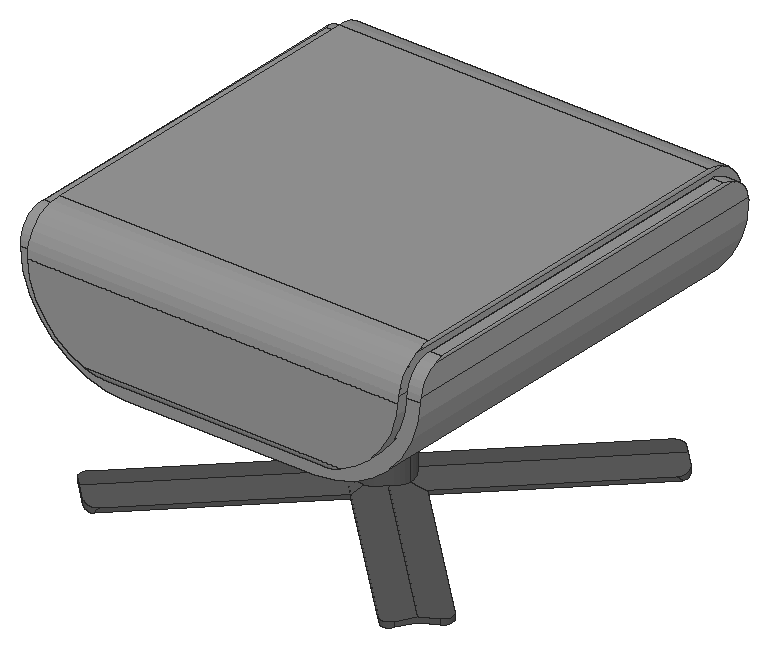
Revit family "Haworth_BuzziMe_Ottoman_AP_PRELIMINARY", category Furniture, Revit 2018
Family settings
  OmniClass Number = 23.40.20.00
  OmniClass Title = General Furniture and Specialties
  Work Plane-Based = No
  Always vertical = Yes
  Cut with Voids When Loaded = No
  Shared = No
  Room Calculation Point = No
Parameters (values of type "Ottoman")
  Warranty = "http://www.haworth.com/resources/product-info/warranties"
  URL - Product = "https://www.haworth.com/ap/en/products/soft-seating/buzzime.html"
  URL = "https://www.haworth.com/ap/en.html"
  Size = "Verify Final Dim. w/ Haworth"  # constant formula
  Revision = "1"  # constant formula
  Outer Upholstery Finish [instance] = Haworth _ Fabric _ Undecided _ Seating _ Lounge
  Model = "BuzziMe"  # constant formula
  Manufacturer = "Haworth"  # constant formula
  Inner Upholstery Finish [instance] = Haworth _ Fabric _ Undecided _ Seating _ Lounge
  Description = "Haworth - BuzziMe - Ottoman"  # constant formula
  Base Finish [instance] = Haworth _ Paint _ Umbra Grey
  Author = "Haworth (Alias, Abd Rahman)"  # constant formula
  Assembly Code = "E2020200"
  Actual Width = 714.97 mm  # constant formula
  Actual Height = 444.996 mm  # constant formula
  Actual Depth = 669.925 mm  # constant formula
Reference planes
  plane 1: z = 0
  plane 2 "Center Left/Right": x = 0
  plane 3 "Left": x = -357.485
  plane 4 "Right": x = 357.485
  plane 5 "Base Angle": through (12192, -268.811, 220.291) normal (0, 0.0523, 0.9986)
  plane 6 "Bottom Seat": z = 220.914
  plane 7: z = 444.996
  plane 8 "Back": y = 262.89
  plane 9 "Front": y = -407.035
  plane 10 "Center FB": y = -72.073
Forms (mm)
  Extrusion 1, solid, material "Haworth _ Paint _ Umbra Grey" <- "Base Finish"
    sketch origin (-318.361, -318.361, 0) x (-0.707107, 0.707107, 0) y (0, 0, 1)
      loop
        line (-51.231, 16.974) -> (-2.035, 9) -> (-0.755, 16.897) -> (-51.231, 25.078) -> (-101.707, 16.897) -> (-100.427, 9) -> (-51.231, 16.974)
    from 0 to 798
  Extrusion 2, solid, material "Haworth _ Paint _ Umbra Grey" <- "Base Finish"
    sketch origin (318.361, -318.361, 0) x (0.707107, 0.707107, 0) y (0, 0, -1)
      loop
        line (-51.231, -16.974) -> (-100.427, -9) -> (-101.707, -16.897) -> (-51.231, -25.078) -> (-0.755, -16.897) -> (-2.035, -9) -> (-51.231, -16.974)
    from 0 to 798
  Extrusion 3, solid, material "Haworth _ Paint _ Umbra Grey" <- "Base Finish"
    sketch origin (0, 0, 0) x (1, 0, 0) y (0, 1, 0)
      loop
        circle (0, -72.451) r 44
    from 16.974 to 212.682
  Sweep 4, solid, material "Haworth _ Fabric _ Undecided _ Seating _ Lounge" <- "Outer Upholstery Finish"
    path origin (0, 0, 0) x (0, 1, 0) y (0, 0, 1)
      loop
        line (-430.55, 220.914) -> (285.81, 220.914)
    profile origin (0, -72.37, 220.914) x (0, 0, 1) y (1, 0, 0)
      loop
        line (0.036, 157.722) -> (0.036, -157.722)
        arc (0.036, -157.722) -> (51.967, -283.095) -> (177.34, -335.026) r 177.304
        line (177.34, -335.026) -> (214.929, -335.026)
        arc (214.929, -335.026) -> (217.104, -334.125) -> (218.004, -331.95) r 3.076
        line (218.004, -331.95) -> (218.004, -313.175)
        arc (218.004, -313.175) -> (217.11, -311.016) -> (214.952, -310.122) r 3.053
        line (214.952, -310.122) -> (177.34, -310.122)
        arc (177.34, -310.122) -> (69.577, -265.485) -> (24.94, -157.722) r 152.4
        line (24.94, -157.722) -> (24.94, 157.722)
        arc (24.94, 157.722) -> (69.577, 265.485) -> (177.34, 310.122) r 152.4
        line (177.34, 310.122) -> (214.952, 310.122)
        arc (214.952, 310.122) -> (217.11, 311.016) -> (218.004, 313.175) r 3.053
        line (218.004, 313.175) -> (218.004, 331.95)
        arc (218.004, 331.95) -> (217.104, 334.125) -> (214.929, 335.026) r 3.076
        line (214.929, 335.026) -> (177.34, 335.026)
        arc (177.34, 335.026) -> (51.967, 283.095) -> (0.036, 157.722) r 177.304
  Extrusion 5, void
    sketch origin (0, 0, 0) x (0, 1, 0) y (0, 0, 1)
      loop
        line (-413.956, 214.104) -> (-413.956, 389.732)
        arc (-413.956, 389.732) -> (-399.542, 424.53) -> (-364.744, 438.944) r 49.212
        line (-364.744, 438.944) -> (220.399, 438.944)
        arc (220.399, 438.944) -> (255.198, 424.53) -> (269.612, 389.732) r 49.212
        line (269.612, 389.732) -> (269.612, 208.25) -> (301.362, 208.25) -> (301.362, 508.794) -> (-445.706, 508.794) -> (-445.706, 214.104) -> (-413.956, 214.104)
    from -457.2 to 457.2
  Sweep 6, solid, material "Haworth _ Fabric _ Undecided _ Seating _ Lounge" <- "Inner Upholstery Finish"
    path origin (0, 0, 0) x (0, 1, 0) y (0, 0, 1)
      loop
        line (-430.55, 244.914) -> (293.35, 244.914)
    profile origin (0, -68.6, 244.914) x (0, 0, 1) y (1, 0, 0)
      loop
        line (201.429, 310.122) -> (153.34, 310.122)
        arc (153.34, 310.122) -> (45.577, 265.485) -> (0.94, 157.722) r 152.4
        line (0.94, 157.722) -> (0.94, -157.722)
        arc (0.94, -157.722) -> (45.577, -265.485) -> (153.34, -310.122) r 152.4
        line (153.34, -310.122) -> (201.467, -310.122)
        arc (201.467, -310.122) -> (207.501, -307.623) -> (210, -301.589) r 8.533
        line (210, -301.589) -> (210, 301.551)
        arc (210, 301.551) -> (207.49, 307.612) -> (201.429, 310.122) r 8.571
  Extrusion 7, void
    sketch origin (0, 0, 0) x (0, 1, 0) y (0, 0, 1)
      loop
        line (-430.55, 256.834) -> (-430.55, 386.65)
        arc (-430.55, 386.65) -> (-411.312, 433.095) -> (-364.867, 452.333) r 65.683
        line (-364.867, 452.333) -> (220.523, 452.333)
        arc (220.523, 452.333) -> (266.968, 433.095) -> (286.206, 386.65) r 65.683
        line (286.206, 386.65) -> (286.206, 256.834)
        arc (286.206, 256.834) -> (282.715, 248.405) -> (274.286, 244.914) r 11.92
        line (274.286, 244.914) -> (269.612, 244.914) -> (269.612, 220.95) -> (320.412, 220.95) -> (320.412, 500.35) -> (-464.756, 500.35) -> (-464.756, 220.95) -> (-413.956, 220.95) -> (-413.956, 244.914) -> (-418.63, 244.914)
        arc (-418.63, 244.914) -> (-427.059, 248.405) -> (-430.55, 256.834) r 11.92
    from -464.409 to 436.531
  Extrusion 8, void
    sketch origin (0, 0, 0) x (1, 0, 0) y (0, 1, 0)
      loop
        line (-303.685, -304.753) -> (-306.201, -302.237) -> (-323.081, -319.118) -> (-246.667, -395.533) -> (-229.786, -378.652) -> (-232.302, -376.136)
        arc (-232.302, -376.136) -> (-246.444, -381.958) -> (-260.586, -376.136) r 20.089
        line (-260.586, -376.136) -> (-303.685, -333.037)
        arc (-303.685, -333.037) -> (-309.507, -318.895) -> (-303.685, -304.753) r 20.089
    from 0 to 41.542
  Extrusion 9, void
    sketch origin (0, -144.902, 0) x (1, 0, 0) y (0, 1, 0)
      loop
        arc (-303.685, 304.753) -> (-309.507, 318.895) -> (-303.685, 333.037) r 20.089
        line (-303.685, 333.037) -> (-260.586, 376.136)
        arc (-260.586, 376.136) -> (-246.444, 381.958) -> (-232.302, 376.136) r 20.089
        line (-232.302, 376.136) -> (-229.786, 378.652) -> (-246.667, 395.533) -> (-323.081, 319.118) -> (-306.201, 302.237) -> (-303.685, 304.753)
    from 0 to 41.542
  Extrusion 10, void
    sketch origin (0, 0, 0) x (-1, 0, 0) y (0, -1, 0)
      loop
        arc (-303.685, 304.753) -> (-309.507, 318.895) -> (-303.685, 333.037) r 20.089
        line (-303.685, 333.037) -> (-260.586, 376.136)
        arc (-260.586, 376.136) -> (-246.444, 381.958) -> (-232.302, 376.136) r 20.089
        line (-232.302, 376.136) -> (-229.786, 378.652) -> (-246.667, 395.533) -> (-323.081, 319.118) -> (-306.201, 302.237) -> (-303.685, 304.753)
    from 0 to 41.542
  Extrusion 11, void
    sketch origin (0, -144.902, 0) x (-1, 0, 0) y (0, -1, 0)
      loop
        line (-303.685, -304.753) -> (-306.201, -302.237) -> (-323.081, -319.118) -> (-246.667, -395.533) -> (-229.786, -378.652) -> (-232.302, -376.136)
        arc (-232.302, -376.136) -> (-246.444, -381.958) -> (-260.586, -376.136) r 20.089
        line (-260.586, -376.136) -> (-303.685, -333.037)
        arc (-303.685, -333.037) -> (-309.507, -318.895) -> (-303.685, -304.753) r 20.089
    from 0 to 41.542
  Extrusion 12, solid, material "Haworth _ Paint _ Umbra Grey" <- "Base Finish"
    sketch origin (0, 0, 220.914) x (0, -1, 0) y (1, 0, 0)
      loop
        line (-128.313, 164.083) -> (-128.313, -164.125)
        arc (-128.313, -164.125) -> (-122.455, -178.268) -> (-108.313, -184.125) r 20
        line (-108.313, -184.125) -> (-87.344, -184.125)
        arc (-87.344, -184.125) -> (-65.086, -178.532) -> (-48.117, -163.082) r 47.082
        arc (-48.117, -163.082) -> (70.811, -98.97) -> (190.255, -162.115) r 143.443
        arc (190.255, -162.115) -> (208.229, -178.281) -> (231.687, -184.125) r 50
        line (231.687, -184.125) -> (251.941, -184.125)
        arc (251.941, -184.125) -> (265.805, -178.693) -> (272.288, -165.288) r 20.408
        arc (272.288, -165.288) -> (272.74, -154.614) -> (272.451, -143.934) r 153.994
        arc (272.451, -143.934) -> (265.933, -120.851) -> (250.441, -102.538) r 56.612
        line (250.441, -102.538) -> (236.597, -91.901)
        arc (236.597, -91.901) -> (204.479, -55.427) -> (188.516, -9.524) r 126.271
        arc (188.516, -9.524) -> (187.844, 0) -> (188.516, 9.524) r 67.758
        arc (188.516, 9.524) -> (204.479, 55.427) -> (236.597, 91.901) r 126.271
        line (236.597, 91.901) -> (250.441, 102.538)
        arc (250.441, 102.538) -> (265.933, 120.851) -> (272.451, 143.934) r 56.612
        arc (272.451, 143.934) -> (272.74, 154.614) -> (272.288, 165.288) r 153.994
        arc (272.288, 165.288) -> (265.805, 178.693) -> (251.941, 184.125) r 20.408
        line (251.941, 184.125) -> (231.687, 184.125)
        arc (231.687, 184.125) -> (208.229, 178.281) -> (190.255, 162.115) r 50
        arc (190.255, 162.115) -> (70.811, 98.97) -> (-48.117, 163.082) r 143.443
        arc (-48.117, 163.082) -> (-65.086, 178.532) -> (-87.344, 184.125) r 47.082
        line (-87.344, 184.125) -> (-108.271, 184.125)
        arc (-108.271, 184.125) -> (-122.443, 178.255) -> (-128.313, 164.083) r 20.042
    from -8.232 to 0.762
Cuts and joins
  Extrusion 5, Extrusion 8 cuts Sweep 4
  Extrusion 7, Extrusion 8 cuts Sweep 6
  Extrusion 8, Extrusion 9, Extrusion 10, Extrusion 11 cuts Extrusion 1
  Extrusion 9, Extrusion 10, Extrusion 11 cuts Extrusion 2
Lines and regions (mm)
  Masking region 1
    outline origin (0, 0, 0) x (1, 0, 0) y (0, 1, 0)
      loop
        arc (-335.026, -409.33) -> (-333.835, -412.207) -> (-330.958, -413.398) r 4.068
        line (-330.958, -413.398) -> (-311.026, -413.398) -> (-311.026, -418.906)
        arc (-311.026, -418.906) -> (-307.779, -426.745) -> (-299.94, -429.992) r 11.086
        line (-299.94, -429.992) -> (299.914, -429.992)
        arc (299.914, -429.992) -> (307.771, -426.737) -> (311.026, -418.88) r 11.113
        line (311.026, -418.88) -> (311.026, -413.398) -> (330.958, -413.398)
        arc (330.958, -413.398) -> (333.835, -412.207) -> (335.026, -409.33) r 4.068
        line (335.026, -409.33) -> (335.026, 264.937)
        arc (335.026, 264.937) -> (333.82, 267.848) -> (330.909, 269.054) r 4.117
        line (330.909, 269.054) -> (311.026, 269.054) -> (311.026, 274.535)
        arc (311.026, 274.535) -> (307.771, 282.393) -> (299.914, 285.648) r 11.113
        line (299.914, 285.648) -> (-299.94, 285.648)
        arc (-299.94, 285.648) -> (-307.779, 282.401) -> (-311.026, 274.562) r 11.086
        line (-311.026, 274.562) -> (-311.026, 269.054) -> (-330.909, 269.054)
        arc (-330.909, 269.054) -> (-333.82, 267.848) -> (-335.026, 264.937) r 4.117
        line (-335.026, 264.937) -> (-335.026, -409.33)
  symbolic lines, style "FurnitureHiddenLines"
    curve 1: line (0, -143.835, 0) -> (232.302, -376.136, 0)
    curve 2: arc (232.302, -376.136, 0) -> (246.444, -381.994, 0) -> (260.586, -376.136, 0) r 20
    curve 3: line (260.586, -376.136, 0) -> (303.685, -333.037, 0)
    curve 4: arc (303.685, -333.037, 0) -> (309.543, -318.895, 0) -> (303.685, -304.753, 0) r 20
    curve 5: line (303.685, -304.753, 0) -> (71.384, -72.451, 0)
    curve 6: line (71.384, -72.451, 0) -> (303.684, 159.849, 0)
    curve 7: arc (303.684, 159.849, 0) -> (309.542, 173.993, 0) -> (303.684, 188.136, 0) r 20.002
    curve 8: line (303.684, 188.136, 0) -> (260.588, 231.232, 0)
    curve 9: arc (260.588, 231.232, 0) -> (246.445, 237.09, 0) -> (232.303, 231.232, 0) r 20
    curve 10: line (232.303, 231.232, 0) -> (0.002, -1.069, 0)
    curve 11: line (0.002, -1.069, 0) -> (-232.302, 231.234, 0)
    curve 12: arc (-232.302, 231.234, 0) -> (-246.446, 237.093, 0) -> (-260.59, 231.234, 0) r 20.002
    curve 13: line (-260.59, 231.234, 0) -> (-303.684, 188.136, 0)
    curve 14: arc (-303.684, 188.136, 0) -> (-309.542, 173.992, 0) -> (-303.683, 159.848, 0) r 20.003
    curve 15: line (-303.683, 159.848, 0) -> (-71.384, -72.451, 0)
    curve 16: line (-71.384, -72.451, 0) -> (-303.685, -304.753, 0)
    curve 17: arc (-303.685, -304.753, 0) -> (-309.539, -318.892, 0) -> (-303.675, -333.027, 0) r 19.986
    curve 18: line (-303.675, -333.027, 0) -> (-260.586, -376.136, 0)
    curve 19: arc (-260.586, -376.136, 0) -> (-246.444, -381.996, 0) -> (-232.302, -376.136, 0) r 19.995
    curve 20: line (-232.302, -376.136, 0) -> (0, -143.835, 0)
Dimensions and locks
  equal spacing: plane 3 "Left", plane 2 "Center Left/Right", plane 4 "Right"
  "Actual Width": plane 3 "Left" to plane 4 "Right"
  "Actual Height": plane 7 to plane 1
  "Actual Depth": plane 9 "Front" to plane 8 "Back"
  equal spacing: plane 8 "Back", plane 10 "Center FB", plane 9 "Front"
Automatic sketch dimensions
  level to Extrusion 1 sketch curve = 16.897 mm  (x2)
  level to Extrusion 1 sketch curve = 9 mm  (x2)
  Extrusion 1 sketch curve to Extrusion 1 sketch curve = 1.28 mm  (x2)
  level to Extrusion 1 sketch curve = 16.974 mm
  Extrusion 1 sketch curve to Extrusion 1 sketch curve = 49.196 mm  (x2)
  level to Extrusion 1 sketch curve = 25.078 mm
  Extrusion 1 sketch curve to Extrusion 1 sketch curve = 0 mm
  level to Extrusion 2 sketch curve = 16.897 mm  (x2)
  level to Extrusion 2 sketch curve = 9 mm  (x2)
  Extrusion 2 sketch curve to Extrusion 2 sketch curve = 1.28 mm  (x2)
  level to Extrusion 2 sketch curve = 16.974 mm
  Extrusion 2 sketch curve to Extrusion 2 sketch curve = 49.196 mm  (x2)
  level to Extrusion 2 sketch curve = 25.078 mm
  Extrusion 2 sketch curve to Extrusion 2 sketch curve = 0 mm
  Extrusion 3 sketch curve to plane 2 "Center Left/Right" = 0 mm
  plane 3 "Left" to Extrusion 8 sketch curve = 34.404 mm
  Extrusion 8 sketch curve to Extrusion 8 sketch curve = 16.881 mm
  Extrusion 8 sketch curve to Extrusion 8 sketch curve = 19.396 mm
  Extrusion 8 sketch curve to Extrusion 8 sketch curve = 2.515 mm  (x3)
  Extrusion 8 sketch curve to Extrusion 8 sketch curve = 14.267 mm  (x2)
  Extrusion 8 sketch curve to Extrusion 8 sketch curve = 13.919 mm  (x2)
  Extrusion 8 sketch curve to Extrusion 8 sketch curve = 14.142 mm  (x2)
  Extrusion 9 sketch curve to plane 3 "Left" = 34.404 mm
  Extrusion 9 sketch curve to Extrusion 9 sketch curve = 16.881 mm  (x2)
  Extrusion 9 sketch curve to Extrusion 9 sketch curve = 19.396 mm
  Extrusion 9 sketch curve to Extrusion 9 sketch curve = 2.515 mm  (x2)
  Extrusion 9 sketch curve to Extrusion 9 sketch curve = 14.267 mm  (x2)
  Extrusion 9 sketch curve to Extrusion 9 sketch curve = 43.099 mm
  Extrusion 9 sketch curve to Extrusion 9 sketch curve = 13.919 mm  (x2)
  Extrusion 9 sketch curve to Extrusion 9 sketch curve = 14.142 mm  (x2)
  Extrusion 10 sketch curve to plane 4 "Right" = 34.404 mm
  Extrusion 10 sketch curve to Extrusion 10 sketch curve = 16.881 mm  (x2)
  Extrusion 10 sketch curve to Extrusion 10 sketch curve = 19.396 mm
  Extrusion 10 sketch curve to Extrusion 10 sketch curve = 2.515 mm  (x2)
  Extrusion 10 sketch curve to Extrusion 10 sketch curve = 14.267 mm  (x2)
  Extrusion 10 sketch curve to Extrusion 10 sketch curve = 43.099 mm
  Extrusion 10 sketch curve to Extrusion 10 sketch curve = 13.919 mm  (x2)
  Extrusion 10 sketch curve to Extrusion 10 sketch curve = 14.142 mm  (x2)
  plane 4 "Right" to Extrusion 11 sketch curve = 34.404 mm
  Extrusion 11 sketch curve to Extrusion 11 sketch curve = 16.881 mm  (x2)
  Extrusion 11 sketch curve to Extrusion 11 sketch curve = 19.396 mm
  Extrusion 11 sketch curve to Extrusion 11 sketch curve = 2.515 mm  (x2)
  Extrusion 11 sketch curve to Extrusion 11 sketch curve = 14.267 mm  (x2)
  Extrusion 11 sketch curve to Extrusion 11 sketch curve = 43.099 mm
  Extrusion 11 sketch curve to Extrusion 11 sketch curve = 13.919 mm  (x2)
  Extrusion 11 sketch curve to Extrusion 11 sketch curve = 14.142 mm  (x2)
  Extrusion 8 sketch curve to Extrusion 8 sketch curve = 43.099 mm
  plane 3 "Left" to curve 16 = 53.8 mm
  plane 3 "Left" to curve 13 = 53.802 mm
  curve 14 to curve 15 = 0.001 mm
  curve 16 to curve 18 = 0.01 mm
  curve 16 to curve 17 = 14.132 mm
  curve 15 to curve 14 = 14.144 mm  (x2)
  curve 13 to curve 13 = 43.094 mm
  curve 18 to curve 18 = 43.09 mm
  curve 13 to curve 12 = 14.144 mm
  curve 19 to curve 19 = 14.142 mm
  curve 12 to curve 11 = 14.144 mm
  curve 19 to curve 20 = 14.142 mm
  curve 16 to plane 2 "Center Left/Right" = 71.384 mm
  curve 1 to plane 2 "Center Left/Right" = 0 mm
  plane 2 "Center Left/Right" to curve 10 = 0.002 mm
  plane 2 "Center Left/Right" to curve 5 = 71.384 mm
  plane 4 "Right" to curve 1 = 125.184 mm
  plane 4 "Right" to curve 10 = 125.182 mm
  curve 2 to curve 2 = 14.142 mm
  curve 10 to curve 9 = 14.142 mm
  curve 2 to curve 3 = 14.142 mm
  curve 9 to curve 8 = 14.142 mm
  curve 9 to curve 7 = 43.094 mm
  curve 2 to curve 4 = 43.099 mm
  curve 7 to curve 8 = 14.144 mm
  curve 7 to curve 6 = 14.144 mm
  curve 4 to curve 5 = 14.142 mm
  curve 4 to curve 3 = 14.142 mm
  curve 19 to curve 19 = 14.136 mm
  curve 3 to curve 2 = 14.142 mm
  curve 3 to curve 3 = 43.099 mm
  curve 19 to curve 18 = 43.109 mm
  curve 3 to curve 4 = 14.142 mm
  curve 18 to curve 17 = 14.142 mm
  curve 6 to curve 7 = 14.144 mm
  curve 7 to curve 9 = 43.098 mm
  curve 14 to curve 12 = 43.098 mm
  curve 9 to curve 10 = 14.142 mm
  curve 20 to curve 5 = 71.384 mm
  Sweep 4 sketch curve to plane 6 "Bottom Seat" = 0 mm
  Sweep 4 sketch curve to Sweep 4 sketch curve = 0 mm  (x4)
  Sweep 4 sketch curve to profile plane = 0.036 mm
  Sweep 4 sketch curve to Sweep 4 sketch curve = 152.4 mm  (x2)
  Sweep 4 sketch curve to Sweep 4 sketch curve = 37.589 mm  (x2)
  Sweep 4 sketch curve to Sweep 4 sketch curve = 0.023 mm  (x2)
  Sweep 4 sketch curve to Sweep 4 sketch curve = 3.076 mm
  Sweep 4 sketch curve to Sweep 4 sketch curve = 3.053 mm
  Sweep 4 sketch curve to plane 2 "Center Left/Right" = 335.026 mm
  plane 2 "Center Left/Right" to Sweep 4 sketch curve = 157.722 mm
  Sweep 4 sketch curve to Sweep 4 sketch curve = 18.775 mm
  Extrusion 12 sketch curve to plane 2 "Center Left/Right" = 0 mm
  Extrusion 12 sketch curve to Extrusion 12 sketch curve = 20 mm
  Extrusion 12 sketch curve to Extrusion 12 sketch curve = 20.042 mm
  Extrusion 12 sketch curve to Extrusion 12 sketch curve = 20.927 mm
  Extrusion 12 sketch curve to Extrusion 12 sketch curve = 20.969 mm
  Extrusion 12 sketch curve to Extrusion 12 sketch curve = 97.197 mm
  Extrusion 12 sketch curve to Extrusion 12 sketch curve = 15.74 mm  (x2)
  Extrusion 12 sketch curve to Extrusion 12 sketch curve = 4.91 mm  (x2)
  Extrusion 12 sketch curve to Extrusion 12 sketch curve = 13.843 mm  (x2)
  Extrusion 12 sketch curve to Extrusion 12 sketch curve = 20.253 mm  (x2)
  Extrusion 12 sketch curve to Extrusion 12 sketch curve = 19.004 mm
  plane 2 "Center Left/Right" to Extrusion 12 sketch curve = 8.224 mm
  Extrusion 12 sketch curve to Extrusion 12 sketch curve = 57.932 mm
  Extrusion 12 sketch curve to Extrusion 12 sketch curve = 0 mm  (x7)
  Extrusion 12 sketch curve to plane 2 "Center Left/Right" = 8.224 mm
  Extrusion 12 sketch curve to Extrusion 12 sketch curve = 10.637 mm  (x2)
  Extrusion 12 sketch curve to Extrusion 12 sketch curve = 31.587 mm  (x2)
  Extrusion 12 sketch curve to plane 2 "Center Left/Right" = 137.044 mm
  Extrusion 12 sketch curve to Extrusion 12 sketch curve = 13.303 mm  (x2)
  Extrusion 12 sketch curve to Extrusion 12 sketch curve = 6.01 mm  (x2)
  Extrusion 12 sketch curve to Extrusion 12 sketch curve = 19.783 mm  (x2)
  Extrusion 12 sketch curve to Extrusion 12 sketch curve = 27.082 mm
  Extrusion 12 sketch curve to Extrusion 12 sketch curve = 20.408 mm  (x2)
  Extrusion 12 sketch curve to Extrusion 12 sketch curve = 88.974 mm  (x2)
  plane 2 "Center Left/Right" to Extrusion 12 sketch curve = 91.901 mm
  plane 2 "Center Left/Right" to Extrusion 12 sketch curve = 137.044 mm
  Extrusion 12 sketch curve to Extrusion 12 sketch curve = 27.04 mm
  plane 2 "Center Left/Right" to Extrusion 12 sketch curve = 9.524 mm
  Sweep 6 sketch curve to profile plane = 0.94 mm
  Sweep 6 sketch curve to Sweep 6 sketch curve = 152.4 mm  (x2)
  Sweep 6 sketch curve to Sweep 6 sketch curve = 48.127 mm
  Sweep 6 sketch curve to Sweep 6 sketch curve = 48.089 mm
  Sweep 6 sketch curve to Sweep 6 sketch curve = 8.571 mm
  Sweep 6 sketch curve to plane 2 "Center Left/Right" = 310.122 mm
  plane 2 "Center Left/Right" to Sweep 6 sketch curve = 157.722 mm
  Extrusion 5 sketch curve to plane 6 "Bottom Seat" = 12.664 mm
  Extrusion 5 sketch curve to plane 6 "Bottom Seat" = 6.81 mm
  plane 6 "Bottom Seat" to Extrusion 5 sketch curve = 168.818 mm
  Extrusion 5 sketch curve to Extrusion 5 sketch curve = 69.85 mm
  Extrusion 7 sketch curve to Extrusion 7 sketch curve = 4.674 mm
  plane 6 "Bottom Seat" to Extrusion 7 sketch curve = 0.036 mm  (x2)
  plane 6 "Bottom Seat" to Extrusion 7 sketch curve = 24 mm
  Extrusion 7 sketch curve to Extrusion 7 sketch curve = 23.964 mm
  Extrusion 7 sketch curve to Extrusion 7 sketch curve = 129.816 mm
  Extrusion 7 sketch curve to Extrusion 7 sketch curve = 48.017 mm
  plane 6 "Bottom Seat" to Sweep 6 sketch curve = 24 mm
  plane 3 "Left" to Masking region 1 sketch curve = 22.459 mm
  Masking region 1 sketch curve to Masking region 1 sketch curve = 4.068 mm
  Masking region 1 sketch curve to Masking region 1 sketch curve = 4.117 mm  (x2)
  Masking region 1 sketch curve to Masking region 1 sketch curve = 19.932 mm  (x2)
  Masking region 1 sketch curve to Masking region 1 sketch curve = 19.883 mm  (x2)
  Masking region 1 sketch curve to Masking region 1 sketch curve = 11.086 mm  (x2)
  plane 4 "Right" to Masking region 1 sketch curve = 57.572 mm  (x2)
  curve 1 to curve 16 = 71.384 mm
  curve 5 to curve 10 = 71.382 mm
  Extrusion 12 sketch curve to Extrusion 12 sketch curve = 158.736 mm  (x2)
  Extrusion 12 sketch curve to Extrusion 12 sketch curve = 47.358 mm
  Extrusion 12 sketch curve to Extrusion 12 sketch curve = 71.505 mm
  plane 7 to Extrusion 7 sketch curve = 7.337 mm
  plane 8 "Back" to Sweep 4 sketch curve = 22.92 mm
  Extrusion 5 sketch curve to plane 8 "Back" = 42.49 mm
  plane 8 "Back" to Extrusion 5 sketch curve = 6.722 mm
  Extrusion 5 sketch curve to Extrusion 5 sketch curve = 31.75 mm
  plane 8 "Back" to Sweep 6 sketch curve = 30.46 mm
  Extrusion 7 sketch curve to plane 8 "Back" = 42.366 mm
  plane 8 "Back" to Extrusion 7 sketch curve = 6.722 mm
  plane 8 "Back" to Extrusion 7 sketch curve = 11.396 mm
  Extrusion 7 sketch curve to Extrusion 7 sketch curve = 11.92 mm
  Extrusion 7 sketch curve to Extrusion 7 sketch curve = 34.206 mm
  plane 8 "Back" to Extrusion 9 sketch curve = 12.259 mm
  Extrusion 11 sketch curve to plane 8 "Back" = 12.259 mm
  Masking region 1 sketch curve to Masking region 1 sketch curve = 11.113 mm
  plane 8 "Back" to Masking region 1 sketch curve = 2.047 mm  (x2)
  plane 8 "Back" to Masking region 1 sketch curve = 11.646 mm
  Extrusion 12 sketch curve to plane 8 "Back" = 134.577 mm
  Masking region 1 sketch curve to Masking region 1 sketch curve = 11.112 mm
  Masking region 1 sketch curve to Masking region 1 sketch curve = 5.482 mm
  Extrusion 5 sketch curve to plane 7 = 6.052 mm
  Extrusion 5 sketch curve to Extrusion 5 sketch curve = 80.963 mm
  Extrusion 7 sketch curve to plane 7 = 58.346 mm
  Extrusion 7 sketch curve to Extrusion 7 sketch curve = 99.889 mm
  curve 18 to plane 9 "Front" = 30.899 mm
  curve 1 to plane 9 "Front" = 30.899 mm
  Extrusion 3 sketch curve to plane 9 "Front" = 334.584 mm
  plane 9 "Front" to Sweep 4 sketch curve = 23.515 mm
  Extrusion 5 sketch curve to plane 9 "Front" = 42.292 mm
  plane 9 "Front" to Sweep 6 sketch curve = 23.515 mm
  Extrusion 7 sketch curve to plane 9 "Front" = 42.168 mm
  Extrusion 8 sketch curve to plane 9 "Front" = 11.503 mm
  plane 9 "Front" to Extrusion 10 sketch curve = 11.503 mm
  plane 9 "Front" to Masking region 1 sketch curve = 2.295 mm  (x2)
  radius of Extrusion 3 sketch curve = 44 mm
